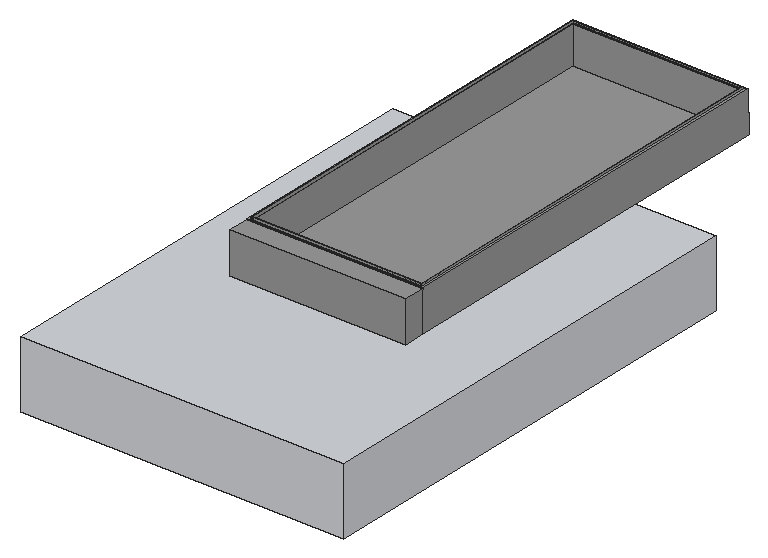
Revit family "Hager-Univers-IP30-D205-H1950-Cl.II-Encl-NoHosted-AT-de", category Equipement électrique, Revit 2020
Family settings
  Hôte = Face
  Configuration du panneau = Deux colonnes, circuits au sein
  Cote de connecteur circulaire = Utiliser le diamètre
  Type d'élément = Tableau de raccordement
  Couper avec des vides une fois chargée = Non
  Partagée = Non
  Point de calcul de pièce = Non
Parameters (values of type "Bodenaufstellung IP30 B800 H1950 T205  - FP23S1N")
  Width Control [instance] = if([EF000008 - Breite] > Min Width, [EF000008 - Breite], Min Width)  # 800 mm
  Commentaires du type = [HG000003 - Bereich]  # "Univers"
  Thickness Door [instance] = if([EF009171 - Materialstärke Tür/Deckel] > 3 mm, 3 mm, [EF009171 - Materialstärke Tür/Deckel])  # 1 mm
  Seal Frame Offset [instance] = 17 mm  # constant formula
  Plinth Visibility [instance] = [HG000027 - Sockelhöhe] > 0 mm  # yes
  Model = ""
  Min Width [instance] = 100 mm  # constant formula
  Min Height [instance] = 100 mm  # constant formula
  Min Depth [instance] = (2 * [EF009170 - Materialstärke Gehäuse]) + 1 mm  # 3 mm
  Internal Frame Depth [instance] = (Door System Depth * 0.5)  # 9 mm
  Height Control [instance] = if([EF000040 - Höhe] > Min Height, [EF000040 - Höhe], Min Height)  # 1950 mm
  HG000027 - Sockelhöhe = 100 mm
  HG000026 - Stehend auf dem Boden = yes
  HG000024 - Höhe des unteren Teils = 800 mm
  HG000023 - Gehäuse mit doppeltem Querschnitt = no
  HG000016 - 3D-Türsichtbarkeit [instance] = yes
  HG000015 - Sichtbarkeit der Türöffnung [instance] = no
  HG000014 - Tür rechts [instance] = yes
  HG000013 - Tür links [instance] = not([HG000014 - Tür rechts])  # no
  HG000012 - Türschwenkwinkel [instance] = 30.00°
  HG000010 - Asymmetrische Türen = no
  HG000009 - Doppelflügeligen Tür = no
  HG000006 - Unterputz = no
  HG000004 - Herstellerreferenz = "FP23S1N"
  HG000003 - Bereich = "Univers"
  HG000002 - Mit tür = no
  Frame Offset Bottom [instance] = 10 mm  # constant formula
  Frame Offset [instance] = 15 mm  # constant formula
  EF015940 - Deckel mit Überdruckentlastung = no
  EF011959 - Schutzart (NEMA) = ""
  EF009554 - Anzahl der Öffnungen für Flanschplatten = 6
  Fabricant = "Hager"  # constant formula
  EF009212 - Ausführung Deckel = "EV009916 - mit Ausschnitt"
  EF009171 - Materialstärke Tür/Deckel = 1 mm
  EF009170 - Materialstärke Gehäuse = 1 mm
  EF008873 - Nennstrom (In) = 400 A
  EF007800 - Geeignet für Blitzschutz = no
  EF006306 - Mit Schloss = no
  EF006244 - Transparenter Deckel/Tür = no
  EF005474 - Schutzart (IP) = "EV006410 - IP30"
  EF004464 - Art der Tür = "EV000494 - ohne"
  EF004427 - Anzahl der Module = 432
  EF004293 - Schlagfestigkeit = "EV006813 - IK07"
  EF003532 - Geeignet für Außengebrauch = no
  EF002950 - Breite in Teilungseinheiten = 36
  EF001613 - Funktionserhalt = "EV000494 - ohne"
  EF001596 - Werkstoff des Gehäuses = "EV000179 - Stahl"
  EF001131 - Innentiefe = 130 mm
  EF001088 - Anbaumöglichkeit = yes
  EF000437 - Anzahl der Leitungseinführungen = 6
  EF000339 - Art der Abdeckung = "EV000494 - ohne"
  EF000266 - Anzahl der Reihen = 12
  EF000218 - Einbautiefe = 0 mm
  EF000118 - Mit Montageplatte = no
  EF000116 - RAL-Nummer = "9010"
  EF000049 - Tiefe = 205 mm
  EF000040 - Höhe = 1950 mm
  EF000008 - Breite = 800 mm
  EF000007 - Farbe = "EV000202 - weiß"
  EF000003 - Montageart = "EV012274 - Bodenaufstellung"
  Door System Leaf Tolerance [instance] = 1.5 mm  # constant formula
  Door System Depth [instance] = 18 mm  # constant formula
  Door Height [instance] = Height Control - [HG000027 - Sockelhöhe]  # 1850 mm
  Depth Control [instance] = if([EF000049 - Tiefe] > Min Depth, [EF000049 - Tiefe], Min Depth)  # 205 mm
  Default Elevation = 0 mm
  Connector Offset [instance] = Height Control / 2  # 975 mm
  Bottom Top Plate Trim [instance] = 1.5 mm  # constant formula
  Plinth height Ctrl [instance] = if([HG000027 - Sockelhöhe] > 0 mm, [HG000027 - Sockelhöhe], 12 mm)  # 100 mm
Types (5, lengths in mm): name | Width Control | HG000004 - Herstellerreferenz | EF009554 - Anzahl der Öffnungen für Flanschplatten | EF008873 - Nennstrom (In) | EF004427 - Anzahl der Module | EF002950 - Breite in Teilungseinheiten | EF000437 - Anzahl der Leitungseinführungen | EF000008 - Breite
  Bodenaufstellung IP30 B1050 H1950 T205  - FP24S1N | 1050 | "FP24S1N" | 8 | 400 A | 576 | 48 | 8 | 1050
  Bodenaufstellung IP30 B1300 H1950 T205  - FP25S1N | 1300 | "FP25S1N" | 10 | 400 A | 720 | 60 | 10 | 1300
  Bodenaufstellung IP30 B300 H1950 T205  - FP21S1N | 300 | "FP21S1N" | 2 | 250 A | 144 | 12 | 2 | 300
  Bodenaufstellung IP30 B550 H1950 T205  - FP22S1N | 550 | "FP22S1N" | 4 | 400 A | 288 | 24 | 4 | 550
  Bodenaufstellung IP30 B800 H1950 T205  - FP23S1N | 800 | "FP23S1N" | 6 | 400 A | 432 | 36 | 6 | 800
Reference planes
  plane 1 "Center (Front/Back)": y = 0
  plane 2: z = 0
  plane 3 "Center (Left/Right)": x = 0
  plane 4: z = 205
  plane 5: y = 101
  plane 6: y = 1025
  plane 7: y = 100
  plane 8: y = 1950
  plane 9: z = 0
  plane 10: x = -385
  plane 11: x = 385
  plane 12: x = 384
  plane 13: x = -384
  plane 14: y = 1949
  plane 15: x = -383
  plane 16: x = -400
  plane 17: x = 383
  plane 18: x = 400
  plane 19: x = 399
  plane 20: x = -399
  plane 21: y = 111
  plane 22: y = 1950
  plane 23: y = 1934
  plane 24: z = 187
  plane 25: z = 1
  plane 26: z = 186
  plane 27: z = 204
Forms (mm)
  Extrusion 1, solid
    sketch origin (0, 0, 0) x (1, 0, 0) y (0, 1, 0)
      loop
        line (-702.964, 1305) -> (-702.964, -811.445) -> (766.763, -811.445) -> (766.763, 1305) -> (-702.964, 1305)
    from 0 to -304.8
  Extrusion 2, solid, material "Hager_Steel_RAL7035_Light_Grey", visible <- "Plinth Visibility", detail levels medium+fine
    sketch origin (0, 0, 0) x (1, 0, 0) y (0, 1, 0)
      loop
        line (-400, 0) -> (400, 0) -> (400, 100) -> (-400, 100) -> (-400, 0)
    from 0 to 187
  Extrusion 3, solid, material "Hager_Steel_RAL7035_Light_Grey", detail levels medium+fine
    sketch origin (0, 0, 0) x (1, 0, 0) y (0, 1, 0)
      loop
        line (-400, 100) -> (400, 100) -> (400, 1950) -> (-400, 1950) -> (-400, 100)
    from 0 to 187
  Extrusion 4, void
    sketch origin (0, 0, 0) x (1, 0, 0) y (0, 1, 0)
      loop
        line (-399, 101) -> (399, 101) -> (399, 1949) -> (-399, 1949) -> (-399, 101)
    from 1 to 186
  Extrusion 5, void
    sketch origin (-381.607, -4572, 187) x (0, -1, 0) y (-1, 0, 0)
      loop
        line (-4683, 2.393) -> (-6506, 2.393) -> (-6506, -765.607) -> (-4683, -765.607) -> (-4683, 2.393)
    from 0 to 1 <- "EF009170 - Materialstärke Gehäuse"
  Extrusion 6, solid, material "Hager_Steel_RAL7035_Light_Grey", detail levels fine
    sketch origin (0, 0, 187) x (1, 0, 0) y (0, 1, 0)
      loop
        line (-384, 1934) -> (-384, 111) -> (384, 111) -> (384, 1934) -> (-384, 1934)
      loop
        line (-385, 110) -> (385, 110) -> (385, 1935) -> (-385, 1935) -> (-385, 110)
    from 0 to 9 <- "Internal Frame Depth"
  Extrusion 7, solid, material "Hager_Steel_RAL7035_Light_Grey", detail levels coarse
    sketch origin (0, 0, 0) x (1, 0, 0) y (0, 1, 0)
      loop
        line (-400, 0) -> (400, 0) -> (400, 1950) -> (-400, 1950) -> (-400, 0)
    from 0 to 205
  Sweep 8, void
    path in 3D
      loop
        line (-400, 100, 0) -> (400, 100, 0) -> (400, 100, 187) -> (-400, 100, 187) -> (-400, 100, 0)
    profile origin (-400, 100, 93.5) x (-1, 0, 0) y (0, -1, 0)
      loop
        line (0, 0) -> (0, 1.5) -> (-1.5, 1.5)
        arc (-1.5, 1.5) -> (-1.061, 0.439) -> (0, 0) r 1.5
Cuts and joins
  Extrusion 4, Extrusion 5 cuts Extrusion 3
  Sweep 8 cuts Extrusion 2
Lines and regions (mm)
  Masking region 1
    outline origin (0, 0, 0) x (1, 0, 0) y (0, 0, 1)
      loop
        line (-400, 205) -> (-400, 0) -> (400, 0) -> (400, 205) -> (-400, 205)
  Masking region 2, detail levels medium+fine
    outline origin (0, 140, 0) x (0, 1, 0) y (0, 0, 1)
      loop
        line (-40, 0) -> (1810, 0) -> (1810, 187) -> (-40, 187) -> (-40, 0)
  Masking region 3, not visible, detail levels medium+fine
    outline origin (0, 297.922, 0) x (0, 1, 0) y (0, 0, 1)
      loop
        line (738.578, 0) -> (778.578, 0) -> (778.578, 194)
        arc (778.578, 194) -> (775.649, 201.071) -> (768.578, 204) r 10
        line (768.578, 204) -> (738.578, 204) -> (738.578, 0)
  Masking region 4, detail levels coarse
    outline origin (0, 0, 180) x (0, 1, 0) y (0, 0, 1)
      loop
        line (0, -180) -> (1950, -180) -> (1950, 25) -> (0, 25) -> (0, -180)
  Masking region 5, visible <- "Plinth Visibility", detail levels medium+fine
    outline origin (0, 52.24, 12.345) x (0, 0, -1) y (0, 1, 0)
      loop
        line (10.845, 47.76) -> (-173.155, 47.76)
        arc (-173.155, 47.76) -> (-173.594, 46.699) -> (-174.655, 46.26) r 1.5
        line (-174.655, 46.26) -> (-174.655, -52.24) -> (12.345, -52.24) -> (12.345, 46.26)
        arc (12.345, 46.26) -> (11.285, 46.699) -> (10.845, 47.76) r 1.5
  Masking region 6, detail levels medium+fine
    outline origin (-381.607, -4572, 187) x (-1, 0, 0) y (0, -1, 0)
      loop
        line (18.393, -6522) -> (18.393, -4672) -> (-781.607, -4672) -> (-781.607, -6522) -> (18.393, -6522)
  Masking region 7, visible <- "Plinth Visibility", detail levels medium+fine
    outline origin (-381.607, -4727, 187) x (-1, 0, 0) y (0, -1, 0)
      loop
        arc (16.893, -4827) -> (17.332, -4825.939) -> (18.393, -4825.5) r 1.5
        line (18.393, -4825.5) -> (18.393, -4727) -> (-781.607, -4727) -> (-781.607, -4825.5)
        arc (-781.607, -4825.5) -> (-780.546, -4825.939) -> (-780.107, -4827) r 1.5
        line (-780.107, -4827) -> (16.893, -4827)
  Masking region 8, detail levels coarse
    outline origin (-442.548, -4669.526, 187) x (-1, 0, 0) y (0, -1, 0)
      loop
        line (-42.548, -6619.526) -> (-42.548, -4669.526) -> (-842.548, -4669.526) -> (-842.548, -6619.526) -> (-42.548, -6619.526)
  sketch lines
    curve 1: line (-400, 100, 187) -> (-400, 100, 0)
    curve 2: line (400, 100, 187) -> (-400, 100, 187)
    curve 3: line (400, 100, 187) -> (400, 100, 0)
    curve 4: line (-400, 100, 0) -> (400, 100, 0)
Dimensions and locks
  "Depth Control": plane 4 to Extrusion 1
  "HG000027 - Sockelhöhe": plane 1 "Center (Front/Back)" to plane 7
  "EF009170 - Materialstärke Gehäuse": plane 5 to plane 7
  locked: connector elem to plane 3 "Center (Left/Right)"
  equal spacing: plane 8, plane 6, plane 7
  locked: connector elem to plane 6
  "EF009170 - Materialstärke Gehäuse": plane 8 to plane 14
  "EF009170 - Materialstärke Gehäuse": plane 10 to plane 13
  "EF009170 - Materialstärke Gehäuse": plane 12 to plane 11
  "Frame Offset": plane 20 to plane 13
  "Frame Offset": plane 12 to plane 19
  "EF009170 - Materialstärke Gehäuse": plane 16 to plane 20
  "EF009170 - Materialstärke Gehäuse": plane 19 to plane 18
  "Seal Frame Offset": plane 16 to plane 15
  "Seal Frame Offset": plane 17 to plane 18
  "Frame Offset Bottom": plane 21 to plane 5
  "Frame Offset": plane 14 to plane 23
  equal spacing: plane 16, plane 3 "Center (Left/Right)", plane 18
  "Width Control": plane 16 to plane 18
  "EF009170 - Materialstärke Gehäuse": plane 4 to plane 27
  "EF009170 - Materialstärke Gehäuse": plane 24 to plane 26
  "EF009170 - Materialstärke Gehäuse": plane 25 to level
  "Door System Depth": plane 4 to plane 24
  "Height Control": plane 1 "Center (Front/Back)" to Extrusion 7 sketch curve
  "Height Control": Masking region 4 sketch curve to plane 1 "Center (Front/Back)"
  "Height Control": plane 1 "Center (Front/Back)" to plane 22
  "Bottom Top Plate Trim": profile plane to Sweep 8 sketch curve
  "Bottom Top Plate Trim": Sweep 8 sketch curve to profile plane
  "Plinth height Ctrl": plane 1 "Center (Front/Back)" to Extrusion 2 sketch curve
  "Plinth height Ctrl": Masking region 5 sketch curve to plane 1 "Center (Front/Back)"
  "Plinth height Ctrl": plane 1 "Center (Front/Back)" to Masking region 7 sketch curve
  "Thickness Door": Extrusion 6 sketch curve to Extrusion 6 sketch curve  (x3)
  "Thickness Door": cut or joined group of Extrusion 3, Extrusion 4, Extrusion 5 to Extrusion 6 sketch curve
  radius of Masking region 3 sketch curve = 10 mm
  "Bottom Top Plate Trim": radius of Masking region 5 sketch curve  (x2)
  "Bottom Top Plate Trim": radius of Sweep 8 sketch curve
  "Bottom Top Plate Trim": radius of Masking region 7 sketch curve  (x2)
  aligned and locked: plane 2 to Extrusion 1
  aligned and locked: level to Extrusion 1
  aligned and locked: level to Masking region 1 sketch curve
  aligned and locked: Masking region 1 sketch curve to plane 18
  aligned and locked: Masking region 1 sketch curve to plane 16
  aligned and locked: plane 7 to Masking region 2 sketch curve
  aligned and locked: level to Masking region 3 sketch curve
  aligned and locked: Masking region 3 sketch curve to plane 27
  aligned and locked: level to Masking region 2 sketch curve
  aligned and locked: plane 1 "Center (Front/Back)" to Extrusion 2 sketch curve
  aligned and locked: Extrusion 3 sketch curve to plane 7
  aligned and locked: plane 16 to Extrusion 3 sketch curve
  aligned and locked: plane 18 to Extrusion 3 sketch curve
  aligned and locked: plane 20 to Extrusion 4 sketch curve
  aligned and locked: plane 19 to Extrusion 4 sketch curve
  aligned and locked: Extrusion 4 sketch curve to plane 5
  aligned and locked: Extrusion 4 to plane 25
  aligned and locked: plane 26 to Extrusion 4
  aligned and locked: plane 24 to Extrusion 3
  aligned and locked: Extrusion 5 sketch curve to plane 21
  aligned and locked: Extrusion 5 sketch curve to plane 13
  aligned and locked: Extrusion 5 sketch curve to plane 12
  aligned and locked: plane 18 to Extrusion 7 sketch curve
  aligned and locked: plane 1 "Center (Front/Back)" to Extrusion 7 sketch curve
  aligned and locked: plane 16 to Extrusion 7 sketch curve
  aligned and locked: plane 4 to Extrusion 7
  aligned and locked: Extrusion 7 to level
  aligned and locked: level to Masking region 4 sketch curve
  aligned and locked: Masking region 4 sketch curve to plane 1 "Center (Front/Back)"
  aligned and locked: Masking region 4 sketch curve to plane 4
  aligned and locked: nested 1 to level
  aligned and locked: nested 1 to plane 16
  aligned and locked: plane 8 to Extrusion 3 sketch curve
  aligned and locked: plane 23 to Extrusion 5 sketch curve
  aligned and locked: plane 14 to Extrusion 4 sketch curve
  aligned and locked: Masking region 2 sketch curve to plane 8
  aligned and locked: level to Masking region 5 sketch curve
  aligned and locked: plane 16 to Extrusion 2 sketch curve
  aligned and locked: plane 18 to Extrusion 2 sketch curve
  aligned and locked: Masking region 5 sketch curve to plane 24
  aligned and locked: Masking region 2 sketch curve to plane 24
  aligned and locked: plane 24 to Extrusion 2
  aligned and locked: profile plane to Sweep 8 sketch curve  (x2)
  aligned and locked: Masking region 6 sketch curve to plane 18
  aligned and locked: Masking region 6 sketch curve to plane 22
  aligned and locked: Masking region 6 sketch curve to plane 16
  aligned and locked: plane 8 to plane 22
  aligned and locked: Masking region 6 sketch curve to plane 7
  aligned and locked: Masking region 7 sketch curve to plane 16
  aligned and locked: Masking region 7 sketch curve to plane 1 "Center (Front/Back)"
  aligned and locked: Masking region 7 sketch curve to plane 18
  aligned and locked: Masking region 8 sketch curve to plane 1 "Center (Front/Back)"
  aligned and locked: Masking region 8 sketch curve to plane 18
  aligned and locked: Masking region 8 sketch curve to plane 22
  aligned and locked: Masking region 8 sketch curve to plane 16
  aligned and locked: nested 2 to plane 7
  aligned and locked: plane 3 "Center (Left/Right)" to nested 2
  aligned and locked: nested 2 to plane 24
  aligned and locked: Extrusion 6 sketch curve to cut or joined group of Extrusion 3, Extrusion 4, Extrusion 5  (x4)
Automatic sketch dimensions
  Extrusion 1 sketch curve to Extrusion 1 sketch curve = 1469.727 mm
  Extrusion 1 sketch curve to Extrusion 1 sketch curve = 2116.445 mm
  Masking region 1 sketch curve to plane 4 = 0 mm
  plane 6 to Masking region 3 sketch curve = 11.5 mm
  Masking region 3 sketch curve to Masking region 3 sketch curve = 30 mm
  Masking region 5 sketch curve to plane 1 "Center (Front/Back)" = 0 mm
Nested families
  nested 1: "Hager_Enclosure_Symbol" at (-400, 0, 0) x (1, 0, 0) z (0, -1, 0), Height <- "Depth Control", Width <- "Width Control", type "Hager_Enclosure_Symbol"
    with Width_Ctrl 800 mm, Width 800 mm, Height_Ctrl 205 mm, Height 205 mm, A_Width_Int 13.453 mm, A_Width 161.438 mm, A_Height_Ctrl 179.375 mm, A_Height 179.375 mm
  nested 2: "EC000058_Univers_Door" at (0, 100, 187) x (1, 0, 0) z (0, 1, 0), Leaf_Tolerance <- "Door System Leaf Tolerance", Angle <- "HG000012 - Türschwenkwinkel", Door_Depth <- "Door System Depth", Door_Left <- "HG000013 - Tür links", Transparent <- "EF006244 - Transparenter Deckel/Tür", Assymetrical <- "HG000010 - Asymmetrische Türen", Width <- "Width Control", Clearance <- "HG000015 - Sichtbarkeit der Türöffnung", Double <- "HG000009 - Doppelflügeligen Tür", 3d_Door <- "HG000016 - 3D-Türsichtbarkeit", Lock_Visibility <- "EF006306 - Mit Schloss", Width_Ctrl <- "Width Control", Door_Right <- "HG000014 - Tür rechts", Door <- "HG000002 - Mit tür", Height <- "Door Height", Thickness <- "Thickness Door", type "EC000058_Univers_Door", detail levels medium+fine
    with min_wh 3 mm, Width_Ctrl 800 mm, Width 800 mm, Transparent no, Thickness 1 mm, Seal_Material Hager_Rubber, Lock_Visibility no, Lock_Material Hager_Plastic_RAL9005_Jet_Black, Leaf_Width 800 mm, Leaf_Tolerance_External_Sides 0 mm, Leaf_Tolerance 1.5 mm, Leaf_Offset 0 mm, Leaf_Height 1847 mm, Leaf_2_Width 800 mm, Leaf_2_Offset 400 mm, Leaf_1_Width 800 mm, Leaf_1_Offset 400 mm, Height_Ctrl 1850 mm, Height 1850 mm, Glass_Material Hager_Glass, Double_Clearance_Ctrl no, Double no, Door_Right_Ctrl no, Door_Right yes, Door_Material Hager_Steel_RAL7035_Light_Grey, Door_Left_Ctrl no, Door_Left no, Door_Depth 18 mm, Door no, Clearance_Material Hager_Clearance, Clearance_Depth 800 mm, Clearance_Ctrl no, Clearance no, Assymetrical no, Angle 30.00°, 3d_Door yes
Connectors
  electrical at (0, 1025, 0)
    settings: on plane 9, index 1, voltage 0 V, apparent load 0 VA, apparent load phase1 0 VA, apparent load phase2 0 VA, apparent load phase3 0 VA, power factor 1, load classification "Other", number of poles 1, system type 30, power factor state 1, is connector primary yes, connector utility no, sub classification motor no, connector description ""
Definition of nested family "Hager_Enclosure_Symbol"
  Parameters (values of type "Hager_Enclosure_Symbol")
    Width_Ctrl [instance] = if(Width > 1 mm, Width, 1 mm)  # 102.27 mm
    Width [instance] = 102.27 mm
    Height_Ctrl [instance] = if(Height > 1 mm, Height, 1 mm)  # 66.5 mm
    A_Width_Int [instance] = if(A_Width / 12 > 2 mm, A_Width / 12, 2 mm)  # 4.364 mm
    A_Width [instance] = if(A_Height_Ctrl * 0.9 > 2 mm, A_Height_Ctrl * 0.9, 2 mm)  # 52.369 mm
    A_Height_Ctrl [instance] = if(A_Height > 2 mm, A_Height, 2 mm)  # 58.188 mm
    Height [instance] = 66.5 mm
    A_Height [instance] = Height - (Height / 8)  # 58.188 mm
  Reference planes
    plane 1 "Centre (avant/arrière)": y = 0
    plane 2: z = 0
    plane 3 "Centre (gauche/droite)": x = 0
    plane 4: x = 52.369
    plane 5: y = 33.042
    plane 6: y = 41.77
    plane 7: y = 66.5
    plane 8: x = 26.184
    plane 9: y = 37.406
    plane 10: x = 102.27
    plane 11: y = 66.5
    plane 12: y = 8.313
  Lines and regions (mm)
    Filled region 1, type "Solid_Black", in view "Niveau de réf."
      outline origin (0, 0, 0) x (1, 0, 0) y (0, 1, 0)
        loop
          line (52.369, 66.5) -> (33.188, 54.536) -> (45.365, 45.006) -> (52.369, 66.5)
    Filled region 2, type "Solid_Black", in view "Niveau de réf."
      outline origin (0, 0, 0) x (1, 0, 0) y (0, 1, 0)
        loop
          line (0, 0) -> (102.27, 0) -> (102.27, 66.5) -> (0, 0)
    detail lines, in view "Niveau de réf."
      curve 1: line (0, 8.313, 0) -> (26.184, 41.77, 0)
      curve 2: line (26.184, 41.77, 0) -> (26.184, 33.042, 0)
      curve 3: line (26.184, 33.042, 0) -> (52.369, 66.5, 0)
  Dimensions and locks
    "A_Width": plane 3 "Centre (gauche/droite)" to plane 4
    equal spacing: plane 3 "Centre (gauche/droite)", plane 8, plane 4
    equal spacing: plane 6, plane 9, plane 5
    equal spacing: curve 3, Filled region 1 sketch curve, Filled region 1 sketch curve
    "Height_Ctrl": plane 1 "Centre (avant/arrière)" to plane 11
    "A_Height_Ctrl": plane 11 to plane 12
    equal spacing: plane 11, plane 9, plane 12
    "A_Width_Int": plane 6 to plane 9
    "Width_Ctrl": plane 3 "Centre (gauche/droite)" to plane 10
    angle Filled region 1 sketch curve to curve 3 = 20.00°
    angle curve 3 to Filled region 1 sketch curve = 20.00°
    locked: curve 3 to Filled region 1 sketch curve (angle 90.00°)
    aligned and locked: plane 10 to Filled region 2
    aligned and locked: plane 11 to Filled region 2 sketch curve
    aligned and locked: plane 10 to Filled region 2 sketch curve
    aligned and locked: plane 3 "Centre (gauche/droite)" to curve 1
    aligned and locked: plane 12 to curve 1
    aligned and locked: plane 7 to plane 11
  Automatic sketch dimensions
    Filled region 1 sketch curve to plane 4 = 0 mm
    Filled region 1 sketch curve to plane 7 = 0 mm
    plane 1 "Centre (avant/arrière)" to Filled region 2 sketch curve = 0 mm
    Filled region 2 sketch curve to plane 3 "Centre (gauche/droite)" = 0 mm
    curve 2 to plane 6 = 0 mm
    curve 2 to plane 8 = 0 mm
    curve 3 to plane 4 = 0 mm
    curve 2 to plane 5 = 0 mm
    curve 3 to plane 7 = 0 mm
Definition of nested family "EC000058_Univers_Door"
  Parameters (values of type "EC000058_Univers_Door")
    min_wh [instance] = (2 * Thickness) + 1 mm  # 11 mm
    Width_Ctrl [instance] = 400 mm
    Width [instance] = 500 mm
    Transparent [instance] = yes
    Thickness [instance] = 5 mm
    Seal_Material [instance] = none
    Lock_Visibility [instance] = yes
    Lock_Material [instance] = none
    Leaf_Width [instance] = if((Width_Ctrl - 2 * Leaf_Tolerance_External_Sides) > 0 mm, (Width_Ctrl - 2 * Leaf_Tolerance_External_Sides), min_wh)  # 400 mm
    Leaf_Tolerance_External_Sides [instance] = 0 mm  # constant formula
    Leaf_Tolerance [instance] = 1.5 mm
    Leaf_Offset [instance] = 0 mm  # constant formula
    Leaf_Height [instance] = if((Height_Ctrl - 2 * Leaf_Tolerance) > 0 mm, (Height_Ctrl - 2 * Leaf_Tolerance), min_wh)  # 497 mm
    Leaf_2_Width [instance] = if(and(and(Double, Assymetrical), Door_Left), (Leaf_Width / 3) - (Leaf_Tolerance / 2), if(and(and(Double, Assymetrical), Door_Right), (Leaf_Width / 3) * 2 - (Leaf_Tolerance / 2), if(and(Double, not(Assymetrical)), (Leaf_Width / 2) - Leaf_Tolerance, Leaf_Width)))  # 400 mm
    Leaf_2_Offset [instance] = if(and(Double, Assymetrical), Leaf_2_Width / 2, if(and(Double, not(Assymetrical)), Leaf_Width / 4, Leaf_Width / 2))  # 200 mm
    Leaf_1_Width [instance] = if(and(and(Double, Assymetrical), Door_Right), (Leaf_Width / 3) - (Leaf_Tolerance / 2), if(and(and(Double, Assymetrical), Door_Left), (Width / 3) * 2 - (Leaf_Tolerance / 2), if(and(Double, not(Assymetrical)), (Leaf_Width / 2) - Leaf_Tolerance, Leaf_Width)))  # 400 mm
    Leaf_1_Offset [instance] = if(and(Double, Assymetrical), Leaf_1_Width / 2, if(and(Double, not(Assymetrical)), Leaf_Width / 4, Leaf_Width / 2))  # 200 mm
    Height_Ctrl [instance] = if(Height > min_wh, Height, min_wh)  # 500 mm
    Height [instance] = 500 mm
    Glass_Material [instance] = none
    Double_Clearance_Ctrl [instance] = and(Double, Clearance)  # no
    Double [instance] = no
    Door_Right_Ctrl [instance] = and(or(Door_Right, Double), Door)  # yes
    Door_Right [instance] = yes
    Door_Material [instance] = none
    Door_Left_Ctrl [instance] = and(or(Door_Left, Double), Door)  # no
    Door_Left [instance] = no
    Door_Depth [instance] = 30 mm
    Door [instance] = yes
    Default Elevation = 1219.2 mm
    Clearance_Material [instance] = none
    Clearance_Depth [instance] = if(Leaf_1_Width > Leaf_2_Width, Leaf_1_Width, Leaf_2_Width)  # 400 mm
    Clearance_Ctrl [instance] = and(not(Double), Clearance)  # yes
    Clearance [instance] = yes
    Assymetrical [instance] = yes
    Angle [instance] = 30.00°
    3d_Door [instance] = yes
  Reference planes
    plane 1 "Center (Front/Back)": y = 0
    plane 2 "Bottom": z = 0
    plane 3 "Center (Left/Right)": x = 0
    plane 4: z = 500
    plane 5: x = -200
    plane 6: x = 200
    plane 7: z = 500
    plane 8: x = -200
    plane 9: z = 0
    plane 10: x = 200
    plane 11: y = 0
    plane 12: z = 1.5
    plane 13: x = -600
    plane 14: y = -400
    plane 15: x = 600
    plane 16: x = 0
    plane 17: x = 0
    plane 18: x = -200
    plane 19: x = 200
    plane 20: z = 498.5
  Forms (mm)
    Extrusion 1, solid, material <- "Clearance_Material", visible <- "Double_Clearance_Ctrl"
      sketch origin (1200, 0, 0) x (1, 0, 0) y (0, 0, -1)
        loop
          line (-1800, -498.5) -> (-600, -498.5) -> (-600, 0) -> (-1800, 0) -> (-1800, -498.5)
      from 0 to -400
  Dimensions and locks
    equal spacing: plane 5, plane 3 "Center (Left/Right)", plane 6
    "Width_Ctrl": plane 5 to plane 6
    "Leaf_Offset": plane 5 to plane 8
    "Leaf_Offset": plane 6 to plane 10
    "Leaf_Offset": plane 9 to level
    "Leaf_Offset": plane 4 to plane 7
    "Height_Ctrl": plane 4 to level
    "Leaf_Tolerance": plane 12 to plane 9
    locked: plane 11 to plane 1 "Center (Front/Back)"
    "Leaf_1_Offset": plane 18 to plane 16
    "Leaf_2_Offset": plane 17 to plane 19
    "Leaf_1_Width": plane 13 to plane 8
    "Leaf_2_Width": plane 10 to plane 15
    "Clearance_Depth": plane 14 to plane 1 "Center (Front/Back)"
    "Leaf_Tolerance_External_Sides": plane 8 to plane 18
    "Leaf_Tolerance_External_Sides": plane 19 to plane 10
    "Leaf_Tolerance": plane 7 to plane 20
    aligned and locked: level to plane 2 "Bottom"
    aligned and locked: nested 1 to plane 16
    aligned and locked: nested 2 to plane 17
    aligned and locked: Extrusion 1 to plane 13
    aligned and locked: plane 15 to Extrusion 1
    aligned and locked: Extrusion 1 to plane 14
    aligned and locked: plane 12 to nested 1
    aligned and locked: nested 2 to plane 12
    aligned and locked: Extrusion 1 to plane 11
    aligned and locked: plane 20 to Extrusion 1
    aligned and locked: nested 2 to plane 11
    aligned and locked: nested 1 to plane 11
  Automatic sketch dimensions
    Extrusion 1 sketch curve to level = 0 mm
    plane 5 to Extrusion 1 sketch curve = 400 mm
    plane 6 to Extrusion 1 sketch curve = 400 mm
    Extrusion 1 sketch curve to plane 4 = 1.5 mm
  Nested families
    nested 1: "EC000058_Univers_Door_Leaf" at (0, 0, 1.5), Width <- "Leaf_1_Width", visible <- "Door_Left_Ctrl", Leaf_Height <- "Leaf_Height", Angle <- "Angle", 3d_Door <- "3d_Door", Transparent <- "Transparent", Clearance Material <- "Clearance_Material", Clearance <- "Clearance_Ctrl", Door_Material <- "Door_Material", Glass_Material <- "Glass_Material", Door_Depth <- "Door_Depth", Lock_Material <- "Lock_Material", Seal_Material <- "Seal_Material", Lock_Visibility <- "Lock_Visibility", Thickness <- "Thickness", type "EC000058_Univers_Door_Leaf"
      with Width 400 mm, Transparent_Glass_Offset 30 mm, Transparent_Ctrl yes, Transparent yes, Thickness 5 mm, Standard no, Seal_Material none, Seal_D2 8 mm, Seal_D1 1 mm, Offset_Internal_Frame 10 mm, Lock_Width 20 mm, Lock_Visibility_3d yes, Lock_Visibility yes, Lock_Thickness_3 3 mm, Lock_Thickness_2 1 mm, Lock_Thickness_1 3 mm, Lock_Radius_Offset_2 16 mm, Lock_Radius_Offset_1 15 mm, Lock_Radius_2 5 mm, Lock_Radius 6 mm, Lock_Offset 5 mm, Lock_Material none, Lock_Height 80 mm, Lock_Cover_Top_Offset_2d 17 mm, Lock_Cover_Height -65 mm, Leaf_Height 497 mm, Internal_Seal_Thickness 8 mm, Internal_Seal_Depth_2 4.5 mm, Internal_Frame_Depth 25 mm, Glass_Thickness -1 mm, Glass_Offset -2 mm, Glass_Material none, Door_Material none, Door_Depth 30 mm, Clearance Material none, Clearance yes, Angle_Ctrl 30.00°, Angle 30.00°, 3d_Door yes
    nested 2: "EC000058_Univers_Door_Leaf" at (0, 0, 1.5) x (-1, 0, 0) z (0, 0, 1), Width <- "Leaf_2_Width", visible <- "Door_Right_Ctrl", Leaf_Height <- "Leaf_Height", Angle <- "Angle", 3d_Door <- "3d_Door", Transparent <- "Transparent", Clearance Material <- "Clearance_Material", Clearance <- "Clearance_Ctrl", Door_Material <- "Door_Material", Glass_Material <- "Glass_Material", Door_Depth <- "Door_Depth", Lock_Material <- "Lock_Material", Seal_Material <- "Seal_Material", Lock_Visibility <- "Lock_Visibility", Thickness <- "Thickness", type "EC000058_Univers_Door_Leaf"
      with Width 400 mm, Transparent_Glass_Offset 30 mm, Transparent_Ctrl yes, Transparent yes, Thickness 5 mm, Standard no, Seal_Material none, Seal_D2 8 mm, Seal_D1 1 mm, Offset_Internal_Frame 10 mm, Lock_Width 20 mm, Lock_Visibility_3d yes, Lock_Visibility yes, Lock_Thickness_3 3 mm, Lock_Thickness_2 1 mm, Lock_Thickness_1 3 mm, Lock_Radius_Offset_2 16 mm, Lock_Radius_Offset_1 15 mm, Lock_Radius_2 5 mm, Lock_Radius 6 mm, Lock_Offset 5 mm, Lock_Material none, Lock_Height 80 mm, Lock_Cover_Top_Offset_2d 17 mm, Lock_Cover_Height -65 mm, Leaf_Height 497 mm, Internal_Seal_Thickness 8 mm, Internal_Seal_Depth_2 4.5 mm, Internal_Frame_Depth 25 mm, Glass_Thickness -1 mm, Glass_Offset -2 mm, Glass_Material none, Door_Material none, Door_Depth 30 mm, Clearance Material none, Clearance yes, Angle_Ctrl 30.00°, Angle 30.00°, 3d_Door yes
  Definition of nested family "EC000058_Univers_Door_Leaf"
    Parameters (values of type "EC000058_Univers_Door_Leaf")
      Width [instance] = 2000 mm
      Transparent_Glass_Offset [instance] = 30 mm
      Transparent_Ctrl [instance] = and(Transparent, [3d_Door])  # yes
      Transparent [instance] = yes
      Thickness [instance] = 5 mm
      Standard [instance] = and(not(Transparent), [3d_Door])  # no
      Seal_Material [instance] = none
      Seal_D2 [instance] = 8 mm  # constant formula
      Seal_D1 [instance] = 1 mm  # constant formula
      Offset_Internal_Frame [instance] = 10 mm  # constant formula
      Lock_Width [instance] = 20 mm  # constant formula
      Lock_Visibility_3d [instance] = and(Lock_Visibility, [3d_Door])  # yes
      Lock_Visibility [instance] = yes
      Lock_Thickness_3 [instance] = 3 mm  # constant formula
      Lock_Thickness_2 [instance] = 1 mm  # constant formula
      Lock_Thickness_1 [instance] = 3 mm  # constant formula
      Lock_Radius_Offset_2 [instance] = Lock_Radius_Offset_1 + 1 mm  # 16 mm
      Lock_Radius_Offset_1 [instance] = 15 mm  # constant formula
      Lock_Radius_2 [instance] = Lock_Radius - 1 mm  # 5 mm
      Lock_Radius [instance] = 6 mm  # constant formula
      Lock_Offset [instance] = 5 mm  # constant formula
      Lock_Material [instance] = none
      Lock_Height [instance] = 80 mm  # constant formula
      Lock_Cover_Top_Offset_2d [instance] = Lock_Radius_Offset_2 + 1 mm  # 17 mm
      Lock_Cover_Height [instance] = -(Lock_Height - Lock_Radius_Offset_1)  # -65 mm
      Leaf_Height [instance] = 2720.336 mm
      Internal_Seal_Thickness [instance] = 8 mm  # constant formula
      Internal_Seal_Depth_2 [instance] = 4.5 mm  # constant formula
      Internal_Frame_Depth [instance] = if(Door_Depth - Thickness > 5 mm, Door_Depth - Thickness, 5 mm)  # 25 mm
      Glass_Thickness [instance] = if(Thickness > 15 mm, Glass_Offset + 10 mm, -1 mm)  # -1 mm
      Glass_Offset [instance] = if(Thickness > 15 mm, -(Thickness + 10 mm) / 2, -2 mm)  # -2 mm
      Glass_Material [instance] = none
      Door_Material [instance] = none
      Door_Depth [instance] = 30 mm
      Default Elevation = 0 mm
      Clearance Material [instance] = none
      Clearance [instance] = yes
      Angle_Ctrl [instance] = if(Angle > 180.00°, 180.00°, Angle)  # 90.00°
      Angle [instance] = 90.00°
      3d_Door [instance] = yes
    Reference planes
      plane 1 "Center (Front/Back)": y = 0
      plane 2: z = 0
      plane 3 "Center (Left/Right)": x = 0
      plane 4: y = 2000
      plane 5: x = -1000
      plane 6: x = 1000
      plane 7: x = -3000
      plane 8: z = 2720.336
      plane 9: z = 30
      plane 10: z = 2690.336
      plane 11: x = 970
      plane 12: x = -970
      plane 13: y = -3
      plane 14: z = 107.833
      plane 15: y = -5
      plane 16: y = -223.314
      plane 17: x = -1000
      plane 18: z = 1360.168
      plane 19: y = 30
    Forms (mm)
      Extrusion 1, solid, material <- "Clearance Material", visible <- "Clearance"
        sketch origin (0, 0, 0) x (1, 0, 0) y (0, 0, 1)
          loop
            line (-3000, 2720.336) -> (-3000, 0) -> (1000, 0) -> (1000, 2720.336) -> (-3000, 2720.336)
        from 0 to -2000
      Extrusion 2, solid, material <- "Door_Material", visible <- "Standard", detail levels medium+fine
        sketch origin (-1000, 0, 0) x (0, 1, 0) y (-1, 0, 0)
          loop
            line (0, 30) -> (0, 25) -> (2000, 25) -> (2000, 30) -> (0, 30)
        from 0 to 2720.336 <- "Leaf_Height"
      Extrusion 3, solid, material <- "Door_Material", visible <- "Transparent_Ctrl", detail levels medium+fine
        sketch origin (-1000, 0, 0) x (0, 1, 0) y (-1, 0, 0)
          loop
            line (0, 25) -> (2000, 25) -> (2000, 30) -> (0, 30) -> (0, 25)
        from 0 to 2720.336 <- "Leaf_Height"
      Extrusion 4, void
        sketch origin (-1025, 2000, 0) x (0, 1, 0) y (0, 0, -1)
          loop
            line (-30, -2690.336) -> (-30, -30) -> (-1970, -30) -> (-1970, -2690.336) -> (-30, -2690.336)
        from 0 to 5 <- "Thickness"
      Sweep 5, solid, material <- "Seal_Material", visible <- "Transparent_Ctrl", detail levels fine
        path in 3D
          loop
            line (-1025, 30, 30) -> (-1025, 30, 2690.336) -> (-1025, 1970, 2690.336) -> (-1025, 1970, 30) -> (-1025, 30, 30)
        profile origin (-1025, 1000, 30) x (1, 0, 0) y (0, 0, 1)
          loop
            line (0, 0) -> (0, -8) -> (1, -8) -> (1, 0) -> (0, 0)
      Extrusion 6, solid, material <- "Glass_Material", visible <- "Transparent_Ctrl", detail levels medium+fine
        sketch origin (-1030, 0, 0) x (0, 1, 0) y (0, 0, -1)
          loop
            line (1970, -2690.336) -> (1970, -30) -> (30, -30) -> (30, -2690.336) -> (1970, -2690.336)
        from -2 <- "Glass_Offset" to -1 <- "Glass_Thickness"
      Extrusion 7, solid, material <- "Door_Material", visible <- "3d_Door", detail levels medium+fine
        sketch origin (-1025, 2000, 0) x (0, -1, 0) y (0, 0, -1)
          loop
            line (0, -2720.336) -> (2000, -2720.336) -> (2000, 0) -> (0, 0) -> (0, -2720.336)
          loop
            line (1995, -5) -> (5, -5) -> (5, -2715.336) -> (1995, -2715.336) -> (1995, -5)
        from 0 to 25 <- "Internal_Frame_Depth"
      Sweep 8, solid, material <- "Seal_Material", visible <- "Transparent_Ctrl", detail levels fine
        path in 3D
          loop
            line (-1025, 0, 0) -> (-1025, 2000, 0) -> (-1025, 2000, 2720.336) -> (-1025, 0, 2720.336) -> (-1025, 0, 0)
        profile origin (-1025, 0, 1360.168) x (1, 0, 0) y (0, 1, 0)
          loop
            line (0, 10) -> (2.975, 10)
            arc (2.975, 10) -> (4.053, 10.447) -> (4.5, 11.525) r 1.525
            line (4.5, 11.525) -> (4.5, 16.527)
            arc (4.5, 16.527) -> (4.069, 17.569) -> (3.027, 18) r 1.473
            line (3.027, 18) -> (0, 18) -> (0, 10)
      Extrusion 9, solid, material <- "Lock_Material", visible <- "Lock_Visibility_3d", detail levels fine
        sketch origin (-1030, 0, 0) x (0, 1, 0) y (0, 0, -1)
          loop
            arc (1993.5, -1400.168) -> (1994.561, -1399.729) -> (1995, -1398.668) r 1.5
            line (1995, -1398.668) -> (1995, -1320.168) -> (1975, -1320.168) -> (1975, -1398.668)
            arc (1975, -1398.668) -> (1975.439, -1399.729) -> (1976.5, -1400.168) r 1.5
            line (1976.5, -1400.168) -> (1993.5, -1400.168)
        from 3 <- "Lock_Thickness_1" to 0
      Blend 10, solid, material <- "Lock_Material", visible <- "Lock_Visibility_3d", detail levels fine
        base sketch origin (-1033, 0, 0) x (0, 1, 0) y (0, 0, -1)
          loop
            line (1975, -1320.168) -> (1975, -1398.668)
            arc (1975, -1398.668) -> (1975.439, -1399.729) -> (1976.5, -1400.168) r 1.5
            line (1976.5, -1400.168) -> (1993.5, -1400.168)
            arc (1993.5, -1400.168) -> (1994.561, -1399.729) -> (1995, -1398.668) r 1.5
            line (1995, -1398.668) -> (1995, -1320.168) -> (1975, -1320.168)
        top sketch origin (-1033, 0, 0) x (0, 1, 0) y (0, 0, -1)
          loop
            line (1976, -1320.168) -> (1976, -1398.668)
            arc (1976, -1398.668) -> (1976.146, -1399.022) -> (1976.5, -1399.168) r 0.5
            line (1976.5, -1399.168) -> (1993.5, -1399.168)
            arc (1993.5, -1399.168) -> (1993.854, -1399.022) -> (1994, -1398.668) r 0.5
            line (1994, -1398.668) -> (1994, -1320.168) -> (1976, -1320.168)
        from 0 to 1 <- "Lock_Thickness_2"
      Blend 11, solid, material <- "Lock_Material", visible <- "Lock_Visibility_3d", detail levels fine
        base sketch origin (-1034, 0, 0) x (0, 1, 0) y (0, 0, -1)
          loop
            line (1978, -1320.168) -> (1978, -1384.168)
            arc (1978, -1384.168) -> (1985, -1391.168) -> (1992, -1384.168) r 7
            line (1992, -1384.168) -> (1992, -1320.168) -> (1978, -1320.168)
        top sketch origin (-1034, 0, 0) x (0, 1, 0) y (0, 0, -1)
          loop
            line (1991, -1320.168) -> (1979, -1320.168) -> (1979, -1383.168)
            arc (1979, -1383.168) -> (1985, -1389.168) -> (1991, -1383.168) r 6
            line (1991, -1383.168) -> (1991, -1320.168)
        from 0 to 3 <- "Lock_Thickness_3"
      Extrusion 12, solid, material <- "Lock_Material", visible <- "Lock_Visibility_3d", detail levels fine
        sketch origin (-1030, 1975, 1320.168) x (1, 0, 0) y (0, -1, 0)
          loop
            line (-7, -19) -> (-7, -1) -> (0, -1) -> (0, 0) -> (-8, 0) -> (-8, -20) -> (0, -20) -> (0, -19) -> (-7, -19)
        from 0 to -65 <- "Lock_Cover_Height"
      Extrusion 13, void
        sketch origin (-1038, 1995, 1320.168) x (-1, 0, 0) y (0, 0, -1)
          loop
            line (-5, -65) -> (0, -65) -> (-5, -60) -> (-5, -65)
        from 0 to 20 <- "Lock_Width"
      Extrusion 14, void
        sketch origin (-1038, 1975, 1320.168) x (0, -1, 0) y (0, 0, -1)
          loop
            circle (-10, -15.995) r 6
          loop
            circle (-10, -15.995) r 5
        from 0 to 2
      Extrusion 15, solid, material <- "Lock_Material", visible <- "Lock_Visibility_3d", detail levels medium
        sketch origin (-1030, 0, 0) x (0, 1, 0) y (0, 0, -1)
          loop
            arc (1993.5, -1400.168) -> (1994.561, -1399.729) -> (1995, -1398.668) r 1.5
            line (1995, -1398.668) -> (1995, -1320.168) -> (1975, -1320.168) -> (1975, -1398.668)
            arc (1975, -1398.668) -> (1975.439, -1399.729) -> (1976.5, -1400.168) r 1.5
            line (1976.5, -1400.168) -> (1993.5, -1400.168)
        from 8 to 0
    Cuts and joins
      Extrusion 4 cuts Extrusion 3
      Extrusion 13, Extrusion 14 cuts Extrusion 9
      Extrusion 14 cuts Blend 11
      Extrusion 13, Extrusion 14 cuts Extrusion 12
      joined: Extrusion 9, Blend 10, Blend 11, Extrusion 12
      Extrusion 14 cuts Extrusion 15
    Lines and regions (mm)
      Masking region 1, visible <- "Lock_Visibility", detail levels fine
        outline origin (0, 0, 0) x (0, 1, 0) y (0, 0, 1)
          loop
            line (30, 1320.168) -> (33, 1320.168) -> (33, 1400.168) -> (30, 1400.168) -> (30, 1320.168)
      Masking region 2, visible <- "Lock_Visibility", detail levels fine
        outline origin (0, 3.143, 0) x (0, 1, 0) y (0, 0, 1)
          loop
            line (29.857, 1354.168) -> (30.857, 1354.168) -> (30.857, 1366.168) -> (29.857, 1366.168) -> (29.857, 1354.168)
      Masking region 3, detail levels medium+fine
        outline origin (0, 0, 0) x (0, 1, 0) y (0, 0, 1)
          loop
            line (0, 0) -> (30, 0) -> (30, 2720.336) -> (0, 2720.336) -> (0, 0)
      Masking region 4, detail levels medium+fine
        outline origin (0, 0, 0) x (1, 0, 0) y (0, 0, 1)
          loop
            line (-1000, 2720.336) -> (-1000, 0) -> (1000, 0) -> (1000, 2720.336) -> (-1000, 2720.336)
      Masking region 5, visible <- "Lock_Visibility", detail levels fine
        outline origin (-47.116, 0, 0) x (1, 0, 0) y (0, 0, 1)
          loop
            arc (1024.616, 1399.168) -> (1023.556, 1398.729) -> (1023.116, 1397.668) r 1.5
            line (1023.116, 1397.668) -> (1023.116, 1320.168) -> (1041.116, 1320.168) -> (1041.116, 1397.668)
            arc (1041.116, 1397.668) -> (1040.677, 1398.729) -> (1039.616, 1399.168) r 1.5
            line (1039.616, 1399.168) -> (1024.616, 1399.168)
      Masking region 6, visible <- "Lock_Visibility", detail levels medium+fine
        outline origin (-25, 0, 0) x (1, 0, 0) y (0, 0, 1)
          loop
            arc (1001.5, 1400.168) -> (1000.439, 1399.729) -> (1000, 1398.668) r 1.5
            line (1000, 1398.668) -> (1000, 1320.168) -> (1020, 1320.168) -> (1020, 1398.668)
            arc (1020, 1398.668) -> (1019.561, 1399.729) -> (1018.5, 1400.168) r 1.5
            line (1018.5, 1400.168) -> (1001.5, 1400.168)
      Masking region 7, visible <- "Lock_Visibility", detail levels fine
        outline origin (-73.735, 0, 0) x (1, 0, 0) y (0, 0, 1)
          loop
            line (1051.735, 1382.168) -> (1065.735, 1382.168) -> (1065.735, 1384.168)
            arc (1065.735, 1384.168) -> (1058.735, 1391.168) -> (1051.735, 1384.168) r 7
            line (1051.735, 1384.168) -> (1051.735, 1382.168)
      Masking region 8, visible <- "Lock_Visibility", detail levels fine
        outline origin (-73.735, 0, 0) x (1, 0, 0) y (0, 0, 1)
          loop
            line (1052.735, 1382.168) -> (1064.735, 1382.168) -> (1064.735, 1383.168)
            arc (1064.735, 1383.168) -> (1058.735, 1389.168) -> (1052.735, 1383.168) r 6
            line (1052.735, 1383.168) -> (1052.735, 1382.168)
      Masking region 9, visible <- "Lock_Visibility", detail levels fine
        outline origin (-25, 0, 0) x (1, 0, 0) y (0, 0, 1)
          loop
            line (1020, 1320.168) -> (1020, 1382.168) -> (1000, 1382.168) -> (1000, 1320.168) -> (1020, 1320.168)
      Masking region 10, detail levels medium+fine
        outline origin (0, 0, 0) x (1, 0, 0) y (0, 0, 1)
          loop
            circle (985, 1335.144) r 6
      Masking region 11, detail levels fine
        outline origin (0, 0, 0) x (1, 0, 0) y (0, 0, 1)
          loop
            circle (985, 1335.144) r 5
      Masking region 12, visible <- "Lock_Visibility", detail levels fine
        outline origin (0, 12.767, 0) x (0, 1, 0) y (0, 0, 1)
          loop
            line (20.233, 1320.168) -> (21.233, 1320.168) -> (21.233, 1399.168) -> (20.233, 1400.168) -> (20.233, 1320.168)
      Masking region 13, visible <- "Lock_Visibility", detail levels fine
        outline origin (0, 13.767, -10) x (0, 1, 0) y (0, 0, 1)
          loop
            line (20.233, 1330.168) -> (23.233, 1330.168) -> (23.233, 1399.168) -> (20.233, 1402.168) -> (20.233, 1330.168)
      Masking region 14, visible <- "Lock_Visibility", detail levels fine
        outline origin (0, 12.767, -10) x (0, 1, 0) y (0, 0, 1)
          loop
            line (20.233, 1330.168) -> (25.233, 1330.168) -> (25.233, 1399.305) -> (20.233, 1394.305) -> (20.233, 1330.168)
      Masking region 15, visible <- "Lock_Visibility", detail levels medium
        outline origin (0, 0, 0) x (0, 1, 0) y (0, 0, 1)
          loop
            line (30, 1320.168) -> (38, 1320.168) -> (38, 1400.168) -> (30, 1400.168) -> (30, 1320.168)
      Masking region 16, visible <- "Lock_Visibility", detail levels fine
        outline origin (-1000, 0, 0) x (0, 1, 0) y (-1, 0, 0)
          loop
            line (1975, 30) -> (1995, 30) -> (1995, 38) -> (1975, 38) -> (1975, 30)
          loop
            line (1979, 37) -> (1976, 37) -> (1976, 34) -> (1978, 34) -> (1979, 37)
          loop
            line (1994, 37) -> (1991, 37) -> (1992, 34) -> (1994, 34) -> (1994, 37)
      Masking region 17, visible <- "Lock_Visibility", detail levels medium
        outline origin (-1000, 0, 0) x (0, 1, 0) y (-1, 0, 0)
          loop
            line (1975, 30) -> (1995, 30) -> (1995, 38) -> (1975, 38) -> (1975, 30)
      symbolic lines
        curve 1: line (1000, 0, 0) -> (-3000, 0, 0)
        curve 2: arc (1000, 0, 0) -> (-1000, 2000, 0) -> (-3000, 0, 0) r 2000
        curve 4: line (-1030, 0, 0) -> (-1030, 2000, 0)
      reference lines
        curve 3: line (-1000, 0, 0) -> (-1000, 2000, 0)
      symbolic lines, detail levels medium+fine
        curve 5: line (-1030, 2000, 0) -> (-1025, 2000, 0)
        curve 7: line (-1025, 0, 0) -> (-1030, 0, 0)
        curve 8: line (-1025, 0, 0) -> (-1000, 0, 0)
        curve 9: line (-1000, 0, 0) -> (-1000, 2000, 0)
        curve 10: line (-1000, 2000, 0) -> (-1025, 2000, 0)
      symbolic lines, detail levels fine
        curve 6: line (-1025, 2000, 0) -> (-1025, 0, 0)
      sketch lines
        curve 11: line (-1025, 0, 2720.336) -> (-1025, 0, 0)
        curve 12: line (-1025, 2000, 0) -> (-1025, 0, 0)
        curve 13: line (-1025, 2000, 2720.336) -> (-1025, 2000, 0)
        curve 14: line (-1025, 0, 2720.336) -> (-1025, 2000, 2720.336)
        curve 15: line (-1025, 1970, 30) -> (-1025, 30, 30)
        curve 16: line (-1025, 30, 30) -> (-1025, 30, 2690.336)
        curve 17: line (-1025, 1970, 2690.336) -> (-1025, 1970, 30)
        curve 18: line (-1025, 30, 2690.336) -> (-1025, 1970, 2690.336)
      symbolic lines, visible <- "Transparent", detail levels medium+fine
        curve 19: line (-970, 0, 2690.336) -> (970, 0, 2690.336)
        curve 20: line (-970, 0, 30) -> (-970, 0, 2690.336)
        curve 21: line (970, 0, 30) -> (-970, 0, 30)
        curve 22: line (970, 0, 2690.336) -> (970, 0, 30)
    Dimensions and locks
      "Width": plane 1 "Center (Front/Back)" to plane 4
      equal spacing: plane 5, plane 3 "Center (Left/Right)", plane 6
      "Width": plane 5 to plane 6
      "Width": plane 7 to plane 5
      "Leaf_Height": plane 8 to level
      "Width": curve 5 to curve 3
      "Width": curve 3 to curve 3
      plane 8 to plane 10 = 30 mm
      plane 9 to level = 30 mm
      plane 12 to plane 5 = 30 mm
      plane 6 to plane 11 = 30 mm
      Extrusion 1 to Extrusion 4 sketch curve = 30 mm
      "Transparent_Glass_Offset": curve 3 to Extrusion 4 sketch curve
      "Transparent_Glass_Offset": Extrusion 4 sketch curve to cut or joined group of Extrusion 3, Extrusion 4  (x2)
      cut or joined group of Extrusion 3, Extrusion 4 to Extrusion 6 sketch curve = 30 mm
      "Transparent_Glass_Offset": cut or joined group of Extrusion 3, Extrusion 4 to Extrusion 4 sketch curve
      "Thickness": curve 6 to curve 4
      "Thickness": Extrusion 7 sketch curve to Extrusion 7 sketch curve  (x4)
      "Door_Depth": curve 4 to curve 3
      "Offset_Internal_Frame": profile plane to Sweep 8 sketch curve
      "Internal_Seal_Thickness": Sweep 8 sketch curve to Sweep 8 sketch curve
      "Internal_Seal_Depth_2": profile plane to Sweep 8 sketch curve
      "Seal_D1": profile plane to Sweep 5 sketch curve
      "Seal_D2": profile plane to Sweep 5 sketch curve
      "Thickness": Extrusion 2 sketch curve to Extrusion 2 sketch curve
      equal spacing: Extrusion 9 sketch curve, plane 18, Extrusion 9 sketch curve  (x2)
      equal spacing: Masking region 1 sketch curve, plane 18, Masking region 1 sketch curve
      "Lock_Height": Masking region 1 sketch curve to Masking region 1 sketch curve
      "Lock_Radius": Masking region 2 sketch curve to plane 18 to Masking region 2 sketch curve
      Masking region 2 sketch curve to Masking region 1 = 1 mm
      "Door_Depth": plane 19 to plane 1 "Center (Front/Back)"
      "Lock_Thickness_1": Masking region 1 sketch curve to plane 19
      "Lock_Width": Extrusion 9 sketch curve to Extrusion 9 sketch curve
      "Lock_Height": Extrusion 9 sketch curve to Extrusion 9 sketch curve
      "Lock_Offset": cut or joined group of Extrusion 3, Extrusion 4 to Extrusion 9 sketch curve
      equal spacing: plane 8, plane 18, level
      "Lock_Radius_Offset_1": Blend 11 sketch curve to Blend 10
      locked: Blend 10 to Blend 11 sketch curve at 2  (x2)
      locked: var sketch to Blend 11 sketch curve at 1  (x2)
      "Lock_Radius_Offset_2": Blend 11 sketch curve to Blend 10
      locked: Extrusion 12 sketch curve to Extrusion 12 sketch curve at 1  (x3)
      Masking region 6 sketch curve to Masking region 6 sketch curve = 80 mm
      "Lock_Height": Masking region 6 sketch curve to Masking region 6 sketch curve
      "Lock_Width": Masking region 6 sketch curve to Masking region 6 sketch curve
      locked: Masking region 6 to Masking region 5 sketch curve at 1  (x3)
      locked: Masking region 5 to Masking region 7 sketch curve at 2  (x2)
      "Lock_Radius_Offset_1": Masking region 5 to Masking region 7 sketch curve
      "Lock_Radius_Offset_2": Masking region 5 to Masking region 8 sketch curve
      locked: Masking region 7 to Masking region 8 sketch curve at 1  (x2)
      "Lock_Cover_Top_Offset_2d": Masking region 5 to Masking region 9 sketch curve
      equal spacing: Masking region 9, Masking region 10 sketch curve, Masking region 9
      equal spacing: Masking region 9, Masking region 11 sketch curve, Masking region 9
      Extrusion 15 sketch curve to Extrusion 15 sketch curve = 80 mm
      "Lock_Width": Extrusion 15 sketch curve to Extrusion 15 sketch curve
      "Lock_Height": Extrusion 15 sketch curve to Extrusion 15 sketch curve
      equal spacing: Extrusion 15 sketch curve, plane 18, Extrusion 15 sketch curve
      "Lock_Thickness_3": Masking region 13 sketch curve to Masking region 13 sketch curve
      "Lock_Height": Masking region 12 sketch curve to Masking region 12 sketch curve
      locked: Masking region 13 sketch curve to Masking region 1 at 8
      locked: Masking region 14 sketch curve to Masking region 13 at 1
      locked: Masking region 14 sketch curve to Masking region 1 at 10.863
      "Lock_Height": Masking region 15 sketch curve to Masking region 15 sketch curve
      "Lock_Offset": Extrusion 15 sketch curve to cut or joined group of Extrusion 3, Extrusion 4
      "Lock_Offset": plane 6 to Masking region 6 sketch curve
      radius of Sweep 8 sketch curve = 1.525 mm
      radius of Sweep 8 sketch curve = 1.473 mm
      radius of Extrusion 9 sketch curve = 1.5 mm  (x2)
      "Lock_Radius": radius of Extrusion 14 sketch curve
      "Lock_Radius_2": radius of Extrusion 14 sketch curve
      "Lock_Radius": radius of Masking region 10 sketch curve
      "Lock_Radius_2": radius of Masking region 11 sketch curve
      radius of Extrusion 15 sketch curve = 1.5 mm  (x2)
      "Angle_Ctrl": angle plane 1 "Center (Front/Back)" to curve 3
      locked: Masking region 12 sketch curve to Masking region 12 sketch curve (angle 45.00°)
      locked: Masking region 13 sketch curve to Masking region 13 sketch curve (angle 45.00°)
      locked: Masking region 14 sketch curve to Masking region 14 sketch curve (angle 45.00°)
      aligned and locked: level to plane 2
      aligned and locked: Extrusion 1 to curve 1
      aligned and locked: plane 6 to Extrusion 1
      aligned and locked: Extrusion 1 to plane 1 "Center (Front/Back)"
      aligned and locked: plane 4 to Extrusion 1
      aligned and locked: plane 8 to Extrusion 1
      aligned and locked: curve 7 to Extrusion 2 sketch curve
      aligned and locked: curve 5 to Extrusion 2 sketch curve
      aligned and locked: curve 7 to Extrusion 3 sketch curve
      aligned and locked: Extrusion 3 sketch curve to curve 4
      aligned and locked: Extrusion 3 sketch curve to curve 6
      aligned and locked: Extrusion 3 sketch curve to curve 5
      aligned and locked: curve 9 to curve 3
      aligned and locked: Extrusion 7 sketch curve to cut or joined group of Extrusion 3, Extrusion 4  (x4)
      aligned and locked: plane 17 to curve 3
      aligned and locked: plane 1 "Center (Front/Back)" to curve 3
      aligned and locked: plane 17 to plane 5
      aligned and locked: Sweep 8 sketch curve to profile plane
      aligned and locked: Sweep 5 sketch curve to profile plane  (x2)
      aligned and locked: Masking region 1 to Masking region 2 sketch curve
      aligned and locked: plane 19 to Masking region 1 sketch curve
      aligned and locked: plane 1 "Center (Front/Back)" to Masking region 3 sketch curve
      aligned and locked: plane 19 to Masking region 3 sketch curve
      aligned and locked: level to Masking region 3 sketch curve
      aligned and locked: Masking region 3 sketch curve to plane 8
      aligned and locked: plane 17 to Masking region 4 sketch curve
      aligned and locked: level to Masking region 4 sketch curve
      aligned and locked: Masking region 4 sketch curve to plane 8
      aligned and locked: plane 12 to curve 20
      aligned and locked: plane 10 to curve 19
      aligned and locked: plane 11 to curve 22
      aligned and locked: curve 21 to plane 9
      aligned and locked: Extrusion 2 sketch curve to cut or joined group of Extrusion 3, Extrusion 4
      aligned and locked: Blend 10 sketch curve to Extrusion 9  (x4)
      aligned and locked: Extrusion 9 to Blend 10 sketch curve
      aligned and locked: Blend 10 to Blend 11 sketch curve
      aligned and locked: Extrusion 12 sketch curve to Blend 11
      aligned and locked: Extrusion 12 sketch curve to Extrusion 9  (x4)
      aligned and locked: Masking region 5 sketch curve to Masking region 6
      aligned and locked: Masking region 9 sketch curve to Masking region 6  (x3)
      aligned and locked: Masking region 12 sketch curve to Masking region 1
      aligned and locked: Masking region 13 sketch curve to Masking region 1
      aligned and locked: Masking region 12 to Masking region 14
      aligned and locked: Masking region 14 sketch curve to Masking region 1
      aligned and locked: Masking region 15 sketch curve to Masking region 14
      aligned and locked: Masking region 13 sketch curve to Masking region 12
      aligned and locked: Masking region 16 sketch curve to cut or joined group of Extrusion 14, Extrusion 15  (x4)
      aligned and locked: Masking region 16 sketch curve to cut or joined group of Extrusion 9, Blend 10, Blend 11, Extrusion 12, Extrusion 13, Extrusion 14  (x6)
      aligned and locked: cut or joined group of Extrusion 9, Blend 10, Blend 11, Extrusion 12, Extrusion 13, Extrusion 14 to Masking region 16 sketch curve
      aligned and locked: Masking region 17 sketch curve to cut or joined group of Extrusion 14, Extrusion 15  (x3)
      aligned and locked: Masking region 17 sketch curve to cut or joined group of Extrusion 9, Blend 10, Blend 11, Extrusion 12, Extrusion 13, Extrusion 14
      aligned and locked: Masking region 9 to Masking region 8 sketch curve
      aligned and locked: Masking region 9 to Masking region 7 sketch curve
    Automatic sketch dimensions
      plane 1 "Center (Front/Back)" to curve 2 = 0 mm
      curve 2 to plane 5 = 0 mm
      Extrusion 1 sketch curve to level = 0 mm
      Extrusion 1 sketch curve to plane 7 = 0 mm
      Extrusion 1 sketch curve to plane 6 = 0 mm
      Extrusion 1 sketch curve to plane 8 = 0 mm
      Extrusion 3 to Extrusion 6 sketch curve = 30 mm  (x4)
      Masking region 4 sketch curve to plane 6 = 0 mm
      Blend 10 sketch curve to Extrusion 9 = 1.5 mm
      Blend 10 sketch curve to Extrusion 9 = 1 mm
      Extrusion 13 sketch curve to Extrusion 12 = 0 mm  (x2)
      Extrusion 12 to Extrusion 13 sketch curve = 3 mm
      Extrusion 13 sketch curve to Extrusion 12 = 5 mm
      Extrusion 14 sketch curve to Extrusion 14 sketch curve = 0 mm  (x2)
      Extrusion 14 sketch curve to Extrusion 12 = 10 mm
      Extrusion 14 sketch curve to Extrusion 12 = 15.995 mm
      Masking region 5 sketch curve to Masking region 5 sketch curve = 1.5 mm  (x2)
      Masking region 10 sketch curve to plane 18 = 25.024 mm
      Masking region 11 sketch curve to plane 18 = 25.024 mm
      plane 19 to Masking region 14 sketch curve = 3 mm
      Masking region 16 sketch curve to Masking region 16 sketch curve = 3 mm
      curve 4 to curve 3 = 0 mm
      Blend 10 to Blend 11 sketch curve = 0 mm
      Masking region 6 sketch curve to Masking region 6 sketch curve = 1.5 mm  (x2)
      Masking region 6 sketch curve to plane 18 = 40 mm
      plane 19 to Masking region 12 sketch curve = 3 mm
      Masking region 12 sketch curve to Masking region 12 sketch curve = 1 mm
      Masking region 15 sketch curve to plane 19 = 0 mm
      Masking region 15 sketch curve to plane 18 = 40 mm
      radius of Blend 10 sketch curve to Extrusion 9 = 1 mm
